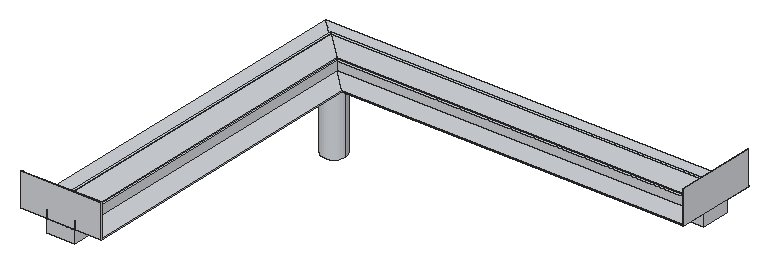
Revit family "RS776KDuschrinne", category Sanitärinstallationen, Revit 2020
Family settings
  Bemaßung runder Anschluss = Durchmesser verwenden
  Teiletyp = Normal
  Arbeitsebenenbasiert = Nein
  Immer vertikal = Ja
  Beim Laden mit Abzugskörper schneiden = Nein
  Gemeinsam genutzt = Nein
  Raumberechnungspunkt = Nein
Parameters (values of type "Rand 4.5")
  Übergangsbride [instance] = no
  umlaufender Kleberand [instance] = no
  Vorgabe-Ansicht = 0 mm
  Verdeckt [instance] = no
  Verbindungsbügel [instance] = L Links + L Rechts  # 1600 mm
  URL = "https://www.resitec.ch/"
  Seitenprofil Länge [instance] = 800 mm
  Seitenprofil Links [instance] = yes
  Seitenprofil 4.5mm [instance] = no
  Seitenprofil 20mm [instance] = yes
  Seitenprofil [instance] = no
  Rost innen ref [instance] = 10 mm
  Rinnen Tiefe [instance] = 43 mm  # constant formula
  Rinnen Breite rechts [instance] = 800 mm
  Rinnen Breite links [instance] = 800 mm
  RS_zargonref [instance] = if([1x Zarge], 3 mm, if([2x Zarge], 2 mm, if([3x Zarge], 1 mm, 7 mm)))  # 2 mm
  RS_sponref [instance] = if(Seitenprofil, if(Seitenprofil Links, 1, 2), 0)  # 0
  RS_spRon [instance] = (RS_sponref = 2)  # no
  RS_spLon [instance] = (RS_sponref = 1)  # no
  RS_sFalz [instance] = 4.5 mm
  RS_s002 = 1.8 mm
  RS_s001 = 3 mm  # constant formula
  RS_rechtsKR [instance] = L Rechts + RS_KR  # 850 mm
  RS_1ZGSB [instance] = no
  RS_0xZGveron [instance] = yes
  RS_min80 [instance] = if(Rinnen Tiefe < 60 mm, 60 mm, Rinnen Tiefe)  # 60 mm
  RS_linksKR [instance] = L Links + RS_KR  # 850 mm
  RS_hts [instance] = 3 mm
  RS_gefun [instance] = 60 mm
  RS_gefob [instance] = 40 mm
  RS_dpschon [instance] = yes
  RS_dimmin95 [instance] = 100 mm
  RS_dimk001 = 115 mm  # constant formula
  RS_dim002ref [instance] = 0 mm
  RS_dim001 [instance] = if(Verdeckt, 2 mm, if(RS_zargonref = 1 mm, 2 mm, if(RS_zargonref = 2 mm, 20 mm, if(RS_zargonref = 3 mm, 2 mm, 20 mm))))  # 20 mm
  RS_dim002 [instance] = if(Seitenprofil, 20 mm, if(Verdeckt, 2 mm, 20 mm))  # 20 mm
  RS_dim003 [instance] = 46 mm  # constant formula
  RS_diaRost [instance] = 2 mm
  RS_diaFalz [instance] = 2 mm  # constant formula
  RS_dia002 = 110 mm
  RS_dia001 = 227.5 mm
  RS_breite Rand [instance] = 50 mm
  RS_bSeitenpro [instance] = if(Seitenprofil 20mm, 20 mm, if(Seitenprofil 4.5mm, 4.5 mm, 20 mm))  # 20 mm
  RS_RohrL [instance] = if(Länge Rohr < RS_gefun, ((RS_gefun + 10 mm) - RS_gefob), Länge Rohr)  # 200 mm
  RS_RinneRon [instance] = yes
  RS_RinneLon [instance] = yes
  RS_LrechtsSeitenpro [instance] = Seitenprofil Länge  # 800 mm
  RS_LlinksSeitenpro [instance] = Seitenprofil Länge  # 800 mm
  RS_KRvorne [instance] = (Breite Aussen ref / 2) + RS_sFalz + RS_KR  # 84.5 mm
  RS_KRref [instance] = 50 mm  # constant formula
  RS_KRr [instance] = yes
  RS_KRon [instance] = no
  RS_KRl [instance] = yes
  RS_KRhinten [instance] = (Breite Aussen ref / 2) + RS_sFalz + RS_KR  # 84.5 mm
  RS_KR [instance] = RS_KRref  # 50 mm
  RS_HZarge [instance] = H Zarge  # 50 mm
  RS_DN2 = 0 mm
  RS_DN1d [instance] = D  # 48.5 mm
  RS_DN1 = 100 mm  # constant formula
  RS_URL = "https://resitec.ch/entwaesserungstechnik/entwaesserungsrinnen/"
  RS_Rost_Typ [instance] = ""
  RS_Manufacture = "Resitec"  # constant formula
  RS_Description [instance] = ""
  RS_Articelnumber [instance] = "Duschrinne"
  RS_2Zargon [instance] = if([2x Zarge], if(Seitenprofil, RS_zargonref > 8 mm, RS_zargonref < 3 mm), RS_zargonref = 1 mm)  # yes
  RS_3Zargon [instance] = if(Seitenprofil, RS_zargonref > 8 mm, RS_zargonref = 1 mm)  # no
  RS_1xZGverdref [instance] = if(RS_zargonref = 7 mm, 1, 0)  # 0
  RS_1xZGverdon [instance] = RS_1xZGverdref = 0  # yes
  RS_1Zargon [instance] = if([1x Zarge], RS_zargonref < 4 mm, RS_zargonref = 1 mm)  # no
  RS_0xZGverdonref [instance] = if(Verdeckt, if([2x Zarge], 2 mm, 7 mm), 7 mm)  # 7 mm
  Länge Rohr [instance] = 200 mm
  L Rechts Innen ref [instance] = if(RS_2Zargon, L Rechts, L Rechts - RS_breite Rand)  # 800 mm
  L Rechts [instance] = Rinnen Breite rechts  # 800 mm
  L Links innen ref [instance] = if(RS_2Zargon, L Links, L Links - RS_breite Rand)  # 800 mm
  L Links [instance] = Rinnen Breite links  # 800 mm
  Hersteller = RS_Manufacture  # "Resitec"
  H Zarge [instance] = 50 mm  # constant formula
  D [instance] = 48.5 mm
  Breite Innen ref [instance] = Breite Aussen ref - 2 mm  # 58 mm
  Breite Aussen ref [instance] = 60 mm
  Description = ""
  Baugruppenkennzeichen = "D2030300"
  B [instance] = L Links + L Rechts  # 1600 mm
  Anschlusswert DU L/s = 0
  A [instance] = L Links innen ref + L Rechts Innen ref  # 1600 mm
  3x Zarge [instance] = no
  2x Zarge [instance] = yes
  1x Zarge [instance] = no
Types (3, lengths in mm): name | Verbindungsbügel | Rinnen Breite rechts | Rinnen Breite links | RS_sFalz | RS_rechtsKR | RS_linksKR | RS_KRvorne | RS_KRhinten | L Rechts Innen ref | L Rechts | L Links innen ref | L Links | B | A
  (no name) | 1600 | 800 | 800 | 4.5 | 850 | 850 | 84.5 | 84.5 | 800 | 800 | 800 | 800 | 1600 | 1600
  Rand 18mm | 2000 | 1000 | 1000 | 18 | 1050 | 1050 | 98 | 98 | 1000 | 1000 | 1000 | 1000 | 2000 | 2000
  Rand 4.5 | 1600 | 800 | 800 | 4.5 | 850 | 850 | 84.5 | 84.5 | 800 | 800 | 800 | 800 | 1600 | 1600
Reference planes
  plane 1 "Mitte (Vorne/hinten)": y = 0
  plane 2: z = 0
  plane 3 "Mitte (Links/rechts)": x = 0
  plane 4: x = 850
  plane 5: y = 30
  plane 6: y = -30
  plane 7 "Rsite": x = 800
  plane 8 "ebeneKBlech": z = -20
  plane 9 "ebeneKBlechVAR": z = -20
  plane 10 "back": y = 84.5
  plane 11: x = 850
  plane 12 "KRfront": y = -84.5
  plane 13: z = -200
  plane 14: x = 798.2
  plane 15 "Rohrbase": z = -46
  plane 16 "min80": z = -60
  plane 17: z = 50
  plane 18: x = 820
  plane 19 "FrontspL": y = -715.5
  plane 20 "FrontspR": y = -702
  plane 21: x = 750
  plane 22: y = -34.5
  plane 23: y = 34.5
  plane 24: y = 29
  plane 25: y = -29
  plane 26: y = -32.25
  plane 27: y = 32.25
  plane 28: z = 67.613
  plane 29 "-20base": z = -20
  plane 30: x = 828
  plane 31: z = -18.2
  plane 32: through (0, 0, 1200) normal (0.7071, 0.7071, 0)
  plane 33: x = -84.5
  plane 34: x = 84.5
  plane 35: x = -34.5
  plane 36: x = 34.5
  plane 37: x = -32.25
  plane 38: x = -30
  plane 39: x = 32.25
  plane 40: x = 30
  plane 41: x = -29
  plane 42: x = 29
  plane 43: y = -713.7
Forms (mm)
  Extrusion 1, solid
    sketch origin (0, 80.5, -20) x (-1, 0, 0) y (0, -1, 0)
      loop
        circle (0, 80.5) r 24.15
    from -180 to -26
  Extrusion 2, solid
    sketch origin (0, 0, -20) x (-1, 0, 0) y (0, -1, 0)
      loop
        line (-32.25, 32.25) -> (-84.5, 84.5) -> (-800, 84.5) -> (-800, 32.25) -> (-32.25, 32.25)
    from 0 to 1.8
  Extrusion 3, solid
    sketch origin (0, 0, -13) x (1, 0, 0) y (0, 1, 0)
      loop
        line (-84.5, 84.5) -> (-32.25, 32.25) -> (800, 32.25) -> (800, 84.5) -> (-84.5, 84.5)
    from -7 to -5.2
  Extrusion 4, solid, visible <- "RS_2Zargon"
    sketch origin (748.2, 124.731, 1200) x (0, 1, 0) y (0, 0, 1)
      loop
        line (-40.231, -1150) -> (-209.231, -1150) -> (-209.231, -1220) -> (-40.231, -1220) -> (-40.231, -1150)
    from 50 to 51.8
  Extrusion 5, solid
    sketch origin (0, 0, -20) x (0, 1, 0) y (-1, 0, 0)
      loop
        line (29, 29) -> (-29, -29) -> (-29, -798.2) -> (29, -798.2) -> (29, 29)
    from 0 to 20
  Extrusion 6, solid
    sketch origin (0, 0, -20) x (0, 1, 0) y (-1, 0, 0)
      loop
        line (-32.25, -32.25) -> (-713.7, -32.25) -> (-713.7, -84.5) -> (-84.5, -84.5) -> (-32.25, -32.25)
    from 0 to 1.8
  Extrusion 7, solid
    sketch origin (0, 0, -13) x (0, -1, 0) y (1, 0, 0)
      loop
        line (-84.5, -84.5) -> (713.7, -84.5) -> (713.7, -32.25) -> (-32.25, -32.25) -> (-84.5, -84.5)
    from -7 to -5.2
  Extrusion 8, solid
    sketch origin (0, 0, -20) x (-1, 0, 0) y (0, -1, 0)
      loop
        line (-798.2, -34.5) -> (34.5, -34.5) -> (30, -30) -> (-798.2, -30) -> (-798.2, -34.5)
      loop
        line (-30, 30) -> (-34.5, 34.5) -> (-798.2, 34.5) -> (-798.2, 30) -> (-30, 30)
    from 0 to 20
  Extrusion 9, solid
    sketch origin (-886.627, -1524, -46) x (-1, 0, 0) y (0, -1, 0)
      loop
        line (-856.627, -1554) -> (-916.627, -1494) -> (-1684.827, -1494) -> (-1684.827, -1554) -> (-856.627, -1554)
    from 0 to 27.8
  Extrusion 10, solid
    sketch origin (-886.627, -1524, -46) x (-1, 0, 0) y (0, -1, 0)
      loop
        line (-856.627, -1554) -> (-856.627, -808.5) -> (-916.627, -808.5) -> (-916.627, -1494) -> (-856.627, -1554)
    from 0 to 26
  Extrusion 11, solid
    sketch origin (0, 0, -20) x (0, 1, 0) y (-1, 0, 0)
      loop
        line (34.5, 34.5) -> (-713.7, 34.5) -> (-713.7, 30) -> (30, 30) -> (34.5, 34.5)
      loop
        line (-30, -30) -> (-713.7, -30) -> (-713.7, -34.5) -> (-34.5, -34.5) -> (-30, -30)
    from 0 to 20
  Extrusion 12, solid
    sketch origin (0, 0, -20) x (0, 1, 0) y (-1, 0, 0)
      loop
        line (29, 29) -> (-713.7, 29) -> (-713.7, -29) -> (-29, -29) -> (29, 29)
    from 0 to 20
  Extrusion 13, solid
    sketch origin (0, 0, -20) x (0, 1, 0) y (-1, 0, 0)
      loop
        line (-713.7, 84.5) -> (-715.5, 84.5) -> (-715.5, -84.5) -> (-713.7, -84.5) -> (-713.7, 84.5)
    from 0 to 70
Dimensions and locks
  equal spacing: plane 6, plane 1 "Mitte (Vorne/hinten)", plane 5
  "Breite Aussen ref": plane 5 to plane 6
  "L Rechts Innen ref": plane 3 "Mitte (Links/rechts)" to plane 7 "Rsite"
  "RS_dim001": level to plane 8 "ebeneKBlech"
  "RS_dim002": level to plane 9 "ebeneKBlechVAR"
  "RS_rechtsKR": plane 3 "Mitte (Links/rechts)" to plane 11
  "RS_KRhinten": plane 1 "Mitte (Vorne/hinten)" to plane 10 "back"
  "RS_KRvorne": plane 12 "KRfront" to plane 1 "Mitte (Vorne/hinten)"
  "RS_s002": plane 14 to plane 7 "Rsite"
  "RS_dim003": level to plane 15 "Rohrbase"
  "Länge Rohr": level to plane 13
  "RS_min80": level to plane 16 "min80"
  "RS_HZarge": plane 17 to level
  "RS_bSeitenpro": plane 7 "Rsite" to plane 18
  "L Links innen ref": plane 10 "back" to plane 19 "FrontspL"
  "RS_KR": plane 21 to plane 7 "Rsite"
  "RS_sFalz": plane 6 to plane 22
  "RS_sFalz": plane 23 to plane 5
  equal spacing: plane 24, plane 1 "Mitte (Vorne/hinten)", plane 25
  "Breite Innen ref": plane 24 to plane 25
  equal spacing: plane 23, plane 27, plane 5
  equal spacing: plane 6, plane 26, plane 22
  "RS_s002": Extrusion 2 to plane 9 "ebeneKBlechVAR"
  "RS_s002": Extrusion 3 to plane 8 "ebeneKBlech"
  "RS_KR": plane 7 "Rsite" to plane 4
  plane 28 to plane 17 = 17.613 mm
  level to plane 29 "-20base" = 20 mm
  plane 7 "Rsite" to plane 30 = 28 mm
  "RS_s002": plane 31 to plane 9 "ebeneKBlechVAR"
  "RS_KRhinten": plane 33 to plane 3 "Mitte (Links/rechts)"
  "RS_KRvorne": plane 3 "Mitte (Links/rechts)" to plane 34
  equal spacing: plane 35, plane 37, plane 38
  equal spacing: plane 40, plane 39, plane 36
  equal spacing: plane 38, plane 3 "Mitte (Links/rechts)", plane 40  (x2)
  "RS_sFalz": plane 35 to plane 38
  "RS_sFalz": plane 40 to plane 36
  "Breite Aussen ref": plane 38 to plane 40
  "Breite Innen ref": plane 41 to plane 42
  equal spacing: plane 41, plane 3 "Mitte (Links/rechts)", plane 42
  "RS_s002": plane 43 to plane 19 "FrontspL"
  diameter of Extrusion 1 sketch curve = 48.3 mm
  locked: plane 32 to plane 1 "Mitte (Vorne/hinten)" (angle 45.00°)
  aligned and locked: level to plane 2
  aligned and locked: Extrusion 1 to plane 13
  aligned and locked: plane 26 to Extrusion 2 sketch curve
  aligned and locked: Extrusion 2 sketch curve to plane 12 "KRfront"
  aligned and locked: Extrusion 2 sketch curve to plane 7 "Rsite"
  aligned and locked: plane 10 "back" to Extrusion 3
  aligned and locked: plane 27 to Extrusion 3
  aligned and locked: Extrusion 3 to plane 8 "ebeneKBlech"
  aligned and locked: plane 7 "Rsite" to Extrusion 3
  aligned and locked: plane 15 "Rohrbase" to Extrusion 1
  aligned and locked: plane 10 "back" to Extrusion 4
  aligned and locked: plane 12 "KRfront" to Extrusion 4
  aligned and locked: Extrusion 4 to plane 14
  aligned and locked: plane 7 "Rsite" to Extrusion 4
  aligned and locked: Extrusion 4 to plane 9 "ebeneKBlechVAR"
  aligned and locked: plane 17 to Extrusion 4
  aligned and locked: Extrusion 2 to plane 32
  aligned and locked: level to Extrusion 8
  aligned and locked: Extrusion 2 to Extrusion 9
  aligned and locked: plane 32 to Extrusion 5 sketch curve
  aligned and locked: plane 24 to Extrusion 5 sketch curve
  aligned and locked: Extrusion 5 sketch curve to plane 25
  aligned and locked: Extrusion 4 to Extrusion 5 sketch curve
  aligned and locked: plane 8 "ebeneKBlech" to Extrusion 10
  aligned and locked: level to Extrusion 11
  aligned and locked: Extrusion 10 sketch curve to plane 40
  aligned and locked: plane 38 to Extrusion 10 sketch curve
  aligned and locked: level to Extrusion 12
  aligned and locked: Extrusion 6 to plane 43
  aligned and locked: Extrusion 11 to Extrusion 6
  aligned and locked: Extrusion 11 to plane 43
  aligned and locked: Extrusion 7 to plane 43
  aligned and locked: Extrusion 13 sketch curve to plane 43
  aligned and locked: plane 19 "FrontspL" to Extrusion 13 sketch curve
  aligned and locked: Extrusion 13 sketch curve to plane 34
  aligned and locked: plane 33 to Extrusion 13 sketch curve
  aligned and locked: plane 17 to Extrusion 13
Automatic sketch dimensions
  plane 1 "Mitte (Vorne/hinten)" to Extrusion 1 sketch curve = 0 mm
  Extrusion 1 sketch curve to plane 3 "Mitte (Links/rechts)" = 0 mm
  Extrusion 3 sketch curve to plane 10 "back" = 0 mm
  plane 27 to Extrusion 3 sketch curve = 0 mm
  Extrusion 3 sketch curve to plane 7 "Rsite" = 0 mm
  Extrusion 4 sketch curve to plane 12 "KRfront" = 0 mm
  Extrusion 4 sketch curve to plane 8 "ebeneKBlech" = 0 mm
  Extrusion 4 sketch curve to plane 10 "back" = 0 mm
  Extrusion 4 sketch curve to plane 17 = 0 mm
  Extrusion 6 sketch curve to plane 34 = 0 mm
  plane 12 "KRfront" to Extrusion 6 sketch curve = 0 mm
  plane 26 to Extrusion 6 sketch curve = 0 mm
  Extrusion 6 sketch curve to plane 32 = 0 mm
  Extrusion 6 sketch curve to plane 19 "FrontspL" = 1.8 mm
  Extrusion 7 sketch curve to plane 10 "back" = 0 mm
  plane 27 to Extrusion 7 sketch curve = 0 mm
  Extrusion 7 sketch curve to plane 33 = 0 mm
  Extrusion 7 sketch curve to plane 32 = 0 mm
  plane 19 "FrontspL" to Extrusion 7 sketch curve = 1.8 mm
  Extrusion 2 sketch curve to plane 32 = 0 mm  (x2)
  Extrusion 3 sketch curve to plane 32 = 0 mm  (x2)
  Extrusion 8 sketch curve to plane 14 = 0 mm  (x2)
  Extrusion 8 sketch curve to plane 6 = 0 mm
  plane 22 to Extrusion 8 sketch curve = 0 mm
  Extrusion 8 sketch curve to plane 32 = 0 mm  (x4)
  Extrusion 8 sketch curve to plane 5 = 0 mm
  plane 23 to Extrusion 8 sketch curve = 0 mm
  Extrusion 9 sketch curve to plane 5 = 0 mm
  Extrusion 9 sketch curve to plane 6 = 0 mm
  Extrusion 9 sketch curve to plane 14 = 0 mm
  Extrusion 9 sketch curve to plane 32 = 0 mm  (x2)
  plane 19 "FrontspL" to Extrusion 11 sketch curve = 1.8 mm  (x2)
  plane 22 to Extrusion 11 sketch curve = 0 mm
  Extrusion 11 sketch curve to plane 6 = 0 mm
  Extrusion 11 sketch curve to plane 5 = 0 mm
  plane 23 to Extrusion 11 sketch curve = 0 mm
  Extrusion 11 sketch curve to plane 32 = 0 mm  (x2)
  Extrusion 11 sketch curve to plane 40 = 0 mm
  Extrusion 11 sketch curve to plane 35 = 0 mm
  Extrusion 10 sketch curve to plane 19 "FrontspL" = 0 mm
  Extrusion 10 sketch curve to plane 5 = 0 mm
  Extrusion 10 sketch curve to plane 6 = 0 mm
  plane 19 "FrontspL" to Extrusion 12 sketch curve = 1.8 mm
  plane 25 to Extrusion 12 sketch curve = 0 mm
  Extrusion 12 sketch curve to plane 32 = 0 mm  (x2)
  Extrusion 12 sketch curve to plane 41 = 0 mm
